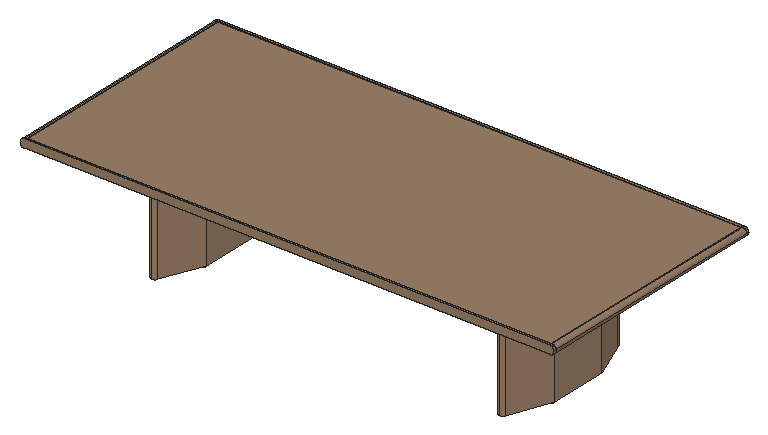
Revit family "Table-Teknion-CFTBFH_Figure_Table_Rectangular_Hexa_Panel_Base_Bullnose_Flat_Edge-R2023", category Furniture, Revit 2023
Family settings
  OmniClass Number = 23.40.20.00
  OmniClass Title = General Furniture and Specialties
  Work Plane-Based = No
  Enable Cutting in Views = No
  Always vertical = Yes
  Cut with Voids When Loaded = No
  Render Appearance Source = Family Geometry
  Shared = Yes
  Room Calculation Point = No
Parameters (values of type "No Central Base")
  Width [instance] = 132.000"
  Warranty = "http://www.teknion.com/ca/papers/legal-canada"
  Unit Weight URL = "http://www.teknion.com/ca/tools/assets#&asset=bee6a381-b954-425e-8283-5a2de3a804f2,f828d448-4b62-4231-9e5f-9a8991c0ed77"
  URL = "www.teknion.com"
  Top Finish [instance] = Veneer-Teknion-LX-Natural_Veneer_V3-Sierra_Flat_Cut
  To render please download texture images found here [instance] = "https://assets.teknion.com/web/5e81352c1dfdb467/revit-material-swatches/"
  Sustainability Data = "https://www.teknion.com/ca/tools/assets#&topic=216f99a5-57a0-44fc-b10a-9dee9b29ae4c&asset=444deb64-fe58-4b68-981e-f75e97781df7,b4ff2d81-9f2e-437d-9659-7cffb09c31cf"
  Surface Power Access [instance] = "Select one option for surface power access. None are default."  # constant formula
  Series = "Custom Wood Boardroom & Reception Tables"  # constant formula
  S - Softened Panel = no
  Product Page URL = "https://www.teknion.com/ca/products/product-details?productLineId=f182336e-8e7a-673b-a6c8-ff00004460c4"
  Product Line = "Figure Table"  # constant formula
  Product Documentation Link = ""
  Power Cover Finish [instance] = Paint - Teknion - Foundation - Sand
  Power - 2 & 3 [instance] = and([AF - 12" Standard Access Door], Width > 131.000")  # no
  Power - 1 & 3 [instance] = and([AF - 12" Standard Access Door], (or(Width < 121.000", Width > 203.000")))  # no
  Part Number = "CFTBFH"  # constant formula
  Panel Width [instance] = if(Depth = 60.000", 36.000", 30.000")  # 36.000"
  NN - None [instance] = not([AF - 12" Standard Access Door])  # yes
  N - No Central Base = yes
  Model = "CFTBFH__NS_"
  Manufacturer Phone = "416-661-3370"  # constant formula
  Manufacturer Fax = "416.661.4586"  # constant formula
  Manufacturer Contact Information = "http://www.teknion.com/ca/contactus"
  Manufacturer Address = "1150 Flint Road, Toronto, ON. M3J 2J5. Canada"  # constant formula
  Manufacturer = "Teknion"  # constant formula
  MR - Softened + AF + 36" PW [instance] = and((and([AF - 12" Standard Access Door], (and([S - Softened Panel], Panel Width = 36.000")))), [Power - 1 & 3])  # no
  MR - Softened + AF + 30" PW [instance] = and((and([AF - 12" Standard Access Door], (and([S - Softened Panel], Panel Width = 30.000")))), [Power - 1 & 3])  # no
  MR - Hexa Panel [instance] = and((and([AF - 12" Standard Access Door], [H - Hexa Panel])), Width > 203.000")  # no
  2D - Softened + 36" Panel Width [instance] = and([S - Softened Panel], Panel Width = 36.000")  # no
  2D - Softened + 30" Panel Width [instance] = and([S - Softened Panel], Panel Width = 30.000")  # no
  MR - NN [instance] = [NN - None]  # yes
  2D - Hexa Panel [instance] = [H - Hexa Panel]  # no
  MR - 3 AF [instance] = and((and((or([S - Softened Panel], [H - Hexa Panel])), [AF - 12" Standard Access Door])), Width > 203.000")  # no
  MR - 2 AF [instance] = and((and((or([S - Softened Panel], [H - Hexa Panel])), [AF - 12" Standard Access Door])), (or(Width > 131.000", Width < 193.000")))  # no
  MR - 1 AF [instance] = and([N - No Central Base], [AF - 12" Standard Access Door])  # no
  How To Use Teknion Materials User Guide [instance] = "https://assets.teknion.com/m/205dd0a49fa58060/original/How-to-add-a-Material-Library-and-Texture-Images-to-your-Revit-project.pdf"
  H - Hexa Panel = no
  Glide Finish [instance] = Paint - Teknion - Foundation - Sand
  For Additional Finishes please visit [instance] = "https://assets.teknion.com/m/44a8009b046e5d47/original/Teknion_Materials_Library.zip"
  Dim 2 [instance] = if(Depth = 48.000", 15.000", 18.000")  # 18.000"
  Dim 1 [instance] = if([N - No Central Base], 3.000", 19.000")  # 3.000"
  Description = "Figure Table, Rectangular, Hexa Panel Base, Bullnose Flat Edge, No Central Base, Square Corner"
  Depth [instance] = 60.000"
  Default Elevation = 0.000"
  Cut - WK - 2 & 3 AF [instance] = if([Power - 2 & 3], 4.000", 0.300")  # 0.300"
  Cut - WK - 1 & 3 AF [instance] = if([Power - 1 & 3], 4.000", 0.300")  # 0.300"
  Cut - Central Base - Softened = if([S - Softened Panel], 15.000", 0.300")  # 0.300"
  Cut - Central Base - Hexa = if([H - Hexa Panel], 15.000", 0.300")  # 0.300"
  Central Base With Wire Management = ""
  Base Finish [instance] = Veneer-Teknion-LX-Natural_Veneer_V3-Sierra_Flat_Cut
  Available Width [instance] = if([N - No Central Base], "096, 108 & 120 Inch Only", "132, 144, 156, 168, 180, 192, 204, 216, 228 & 240 Inch")  # "096, 108 & 120 Inch Only"
  Available Depth [instance] = "48, 54 & 60 Inch"  # constant formula
  Assembly Code = "E2020200"
  AF - 12" Standard Access Door [instance] = no
  3 WK [instance] = Width > 203.000"  # no
  2 WK + NN [instance] = or((and([NN - None], (or(Width = 120.000", Width = 132.000", Width = 144.000", Width = 156.000", Width = 168.000", Width = 180.000", Width = 192.000")))), [MR - 2 AF])  # yes
  2 WK + AF [instance] = and([AF - 12" Standard Access Door], (or(Width = 132.000", Width = 144.000", Width = 156.000", Width = 168.000", Width = 180.000", Width = 192.000")))  # no
  2 WK [instance] = or(Width = 120.000", Width = 132.000", Width = 144.000", Width = 156.000", Width = 168.000", Width = 180.000", Width = 192.000")  # yes
Reference planes (in)
  plane 1 "Center Front/Back": y = 0
  plane 2: z = 0
  plane 3 "Center Left/Right": x = 0
  plane 4 "Left": x = -66
  plane 5 "Right": x = 66
  plane 6 "Back": y = 30
  plane 7 "Front": y = -30
  plane 8 "Top": z = 29
  plane 9: x = -43
  plane 10: x = 43
  plane 11: x = -40
  plane 12: x = 40
  plane 13: x = -22
  plane 14: x = 22
  plane 15: z = 28
Forms (in)
  Sweep 1, solid, material "Veneer-Teknion-LX-Natural_Veneer_V3-Sierra_Flat_Cut" <- "Top Finish"
    path origin (0, 0, 0) x (1, 0, 0) y (0, 1, 0)
      loop
        line (0, 29.43701) -> (0, -29.43701)
    profile origin (0, 0, 0) x (1, 0, 0) y (0, 0, 1)
      loop
        line (64.75, 29) -> (64.75, 27) -> (65, 27)
        arc (65, 27) -> (65.70711, 27.29289) -> (66, 28) r 1
        arc (66, 28) -> (65.70711, 28.70711) -> (65, 29) r 1
        line (65, 29) -> (64.75, 29)
      loop
        line (-64.75, 29) -> (-65, 29)
        arc (-65, 29) -> (-65.70711, 28.70711) -> (-66, 28) r 1
        arc (-66, 28) -> (-65.70711, 27.29289) -> (-65, 27) r 1
        line (-65, 27) -> (-64.75, 27) -> (-64.75, 29)
  Sweep 2, solid, material "Veneer-Teknion-LX-Natural_Veneer_V3-Sierra_Flat_Cut" <- "Top Finish"
    path origin (0, 0, 0) x (1, 0, 0) y (0, 0, 1)
      loop
        line (0, 29) -> (0, 27)
    profile origin (0, 0, 28) x (0, -1, 0) y (1, 0, 0)
      loop
        line (-29.43701, -64.75) -> (29.43701, -64.75) -> (29.43701, 64.75) -> (-29.43701, 64.75) -> (-29.43701, -64.75)
  Sweep 3, void
    path origin (0, 0, 0) x (1, 0, 0) y (0, 0, 1)
      loop
        line (0, 27.5) -> (0, 26.5)
    profile origin (0, 0, 27) x (0, -1, 0) y (1, 0, 0)
      loop
        line (-24, -60) -> (24, -60) -> (24, 60) -> (-24, 60) -> (-24, -60)
  Sweep 4, solid, material "Veneer-Teknion-LX-Natural_Veneer_V3-Sierra_Flat_Cut" <- "Top Finish"
    path origin (0, 0, 0) x (1, 0, 0) y (0, 0, 1)
      loop
        line (0, 27.5) -> (0, 26.75)
    profile origin (0, 0, 27.125) x (0, -1, 0) y (1, 0, 0)
      loop
        line (-22, -58) -> (22, -58) -> (22, 58) -> (-22, 58) -> (-22, -58)
  Sweep 5, solid, material "Veneer-Teknion-LX-Natural_Veneer_V3-Sierra_Flat_Cut" <- "Top Finish"
    path origin (0, 0, 0) x (1, 0, 0) y (0, 1, 0)
      loop
        line (-43, 0) -> (43, 0)
    profile origin (0, 0, 0) x (0, 1, 0) y (0, 0, 1)
      loop
        line (10.932, 26.75) -> (7.932, 18.75) -> (9, 18.75) -> (12, 26.75) -> (10.932, 26.75)
      loop
        line (-7.932, 18.75) -> (-10.932, 26.75) -> (-12, 26.75) -> (-9, 18.75) -> (-7.932, 18.75)
  Sweep 6, void
    path origin (0, 0, 0) x (1, 0, 0) y (0, 0, 1)
      loop
        line (0, 27) -> (0, 13)
    profile origin (0, 0, 20) x (0, -1, 0) y (1, 0, 0)
      loop
        line (-7.932, -38.26447) -> (-12, -39.90516) -> (-12, -43) -> (-7.932, -43) -> (-7.932, -38.26447)
      loop
        line (7.932, -38.26447) -> (7.932, -43) -> (12, -43) -> (12, -39.90516) -> (7.932, -38.26447)
      loop
        line (-7.932, 38.26447) -> (-7.932, 43) -> (-12, 43) -> (-12, 39.90516) -> (-7.932, 38.26447)
      loop
        line (7.932, 38.26447) -> (12, 39.90516) -> (12, 43) -> (7.932, 43) -> (7.932, 38.26447)
  Sweep 7, void
    path origin (0, 0, 0) x (1, 0, 0) y (0, 0, 1)
      loop
        line (0, 14) -> (0, 14.3)
    profile origin (0, 0, 14.15) x (-1, 0, 0) y (0, -1, 0)
      loop
        line (2.68094, 13.02625) -> (-2.68094, 13.02625) -> (-5, 7.27625) -> (5, 7.27625) -> (2.68094, 13.02625)
      loop
        line (2.68094, -13.02625) -> (5, -7.27625) -> (-5, -7.27625) -> (-2.68094, -13.02625) -> (2.68094, -13.02625)
  Sweep 8, solid, material "Veneer-Teknion-LX-Natural_Veneer_V3-Sierra_Flat_Cut" <- "Top Finish"
    path origin (0, 0, 0) x (1, 0, 0) y (0, 1, 0)
      loop
        line (0, -30) -> (0, -29.43701)
    profile origin (0, -29.7185, 0) x (-1, 0, 0) y (0, 0, 1)
      loop
        arc (66, 28) -> (65.70711, 28.70711) -> (65, 29) r 1
        line (65, 29) -> (-65, 29)
        arc (-65, 29) -> (-65.70711, 28.70711) -> (-66, 28) r 1
        arc (-66, 28) -> (-65.70711, 27.29289) -> (-65, 27) r 1
        line (-65, 27) -> (65, 27)
        arc (65, 27) -> (65.70711, 27.29289) -> (66, 28) r 1
  Sweep 9, solid, material "Veneer-Teknion-LX-Natural_Veneer_V3-Sierra_Flat_Cut" <- "Top Finish"
    path origin (0, 0, 0) x (1, 0, 0) y (0, 1, 0)
      loop
        line (0, 30) -> (0, 29.43701)
    profile origin (0, 29.7185, 0) x (1, 0, 0) y (0, 0, 1)
      loop
        arc (-66, 28) -> (-65.70711, 27.29289) -> (-65, 27) r 1
        line (-65, 27) -> (65, 27)
        arc (65, 27) -> (65.70711, 27.29289) -> (66, 28) r 1
        arc (66, 28) -> (65.70711, 28.70711) -> (65, 29) r 1
        line (65, 29) -> (-65, 29)
        arc (-65, 29) -> (-65.70711, 28.70711) -> (-66, 28) r 1
  Sweep 10, void
    path origin (0, 0, 0) x (1, 0, 0) y (0, 0, 1)
      loop
        line (0, 23.8) -> (0, 23.5)
    profile origin (0, 0, 23.65) x (0, -1, 0) y (1, 0, 0)
      loop
        arc (-3.75, -48.25004) -> (-3.60355, -48.6036) -> (-3.25, -48.75004) r 0.5
        line (-3.25, -48.75004) -> (3.25, -48.75004)
        arc (3.25, -48.75004) -> (3.60355, -48.6036) -> (3.75, -48.25004) r 0.5
        line (3.75, -48.25004) -> (3.75, -31.75004)
        arc (3.75, -31.75004) -> (3.60355, -31.39649) -> (3.25, -31.25004) r 0.5
        line (3.25, -31.25004) -> (-3.25, -31.25004)
        arc (-3.25, -31.25004) -> (-3.60355, -31.39649) -> (-3.75, -31.75004) r 0.5
        line (-3.75, -31.75004) -> (-3.75, -48.25004)
      loop
        line (-3.75, 48.25004) -> (-3.75, 31.75004)
        arc (-3.75, 31.75004) -> (-3.60355, 31.39649) -> (-3.25, 31.25004) r 0.5
        line (-3.25, 31.25004) -> (3.25, 31.25004)
        arc (3.25, 31.25004) -> (3.60355, 31.39649) -> (3.75, 31.75004) r 0.5
        line (3.75, 31.75004) -> (3.75, 48.25004)
        arc (3.75, 48.25004) -> (3.60355, 48.6036) -> (3.25, 48.75004) r 0.5
        line (3.25, 48.75004) -> (-3.25, 48.75004)
        arc (-3.25, 48.75004) -> (-3.60355, 48.6036) -> (-3.75, 48.25004) r 0.5
  Sweep 11, void
    path origin (0, 0, 0) x (1, 0, 0) y (0, 0, 1)
      loop
        line (0, 23.5) -> (0, 23.8)
    profile origin (0, 0, 23.65) x (-1, 0, 0) y (0, -1, 0)
      loop
        arc (8.25, -3.75) -> (8.60355, -3.60355) -> (8.75, -3.25) r 0.5
        line (8.75, -3.25) -> (8.75, 3.25)
        arc (8.75, 3.25) -> (8.60355, 3.60355) -> (8.25, 3.75) r 0.5
        line (8.25, 3.75) -> (-8.25, 3.75)
        arc (-8.25, 3.75) -> (-8.60355, 3.60355) -> (-8.75, 3.25) r 0.5
        line (-8.75, 3.25) -> (-8.75, -3.25)
        arc (-8.75, -3.25) -> (-8.60355, -3.60355) -> (-8.25, -3.75) r 0.5
        line (-8.25, -3.75) -> (8.25, -3.75)
  Sweep 12, void
    path origin (0, 0, 0) x (1, 0, 0) y (0, 0, 1)
      loop
        line (0, 31.5) -> (0, 31.2)
    profile origin (0, 0, 31.35) x (0, -1, 0) y (1, 0, 0)
      loop
        line (-2.69291, -34.47642) -> (-2.69291, -45.52367)
        arc (-2.69291, -45.52367) -> (-2.5776, -45.80205) -> (-2.29921, -45.91737) r 0.3937
        line (-2.29921, -45.91737) -> (2.29921, -45.91737)
        arc (2.29921, -45.91737) -> (2.5776, -45.80205) -> (2.69291, -45.52367) r 0.3937
        line (2.69291, -45.52367) -> (2.69291, -34.47642)
        arc (2.69291, -34.47642) -> (2.5776, -34.19803) -> (2.29921, -34.08272) r 0.3937
        line (2.29921, -34.08272) -> (-2.29921, -34.08272)
        arc (-2.29921, -34.08272) -> (-2.5776, -34.19803) -> (-2.69291, -34.47642) r 0.3937
      loop
        arc (-2.69291, 34.47642) -> (-2.5776, 34.19803) -> (-2.29921, 34.08272) r 0.3937
        line (-2.29921, 34.08272) -> (2.29921, 34.08272)
        arc (2.29921, 34.08272) -> (2.5776, 34.19803) -> (2.69291, 34.47642) r 0.3937
        line (2.69291, 34.47642) -> (2.69291, 45.52367)
        arc (2.69291, 45.52367) -> (2.5776, 45.80205) -> (2.29921, 45.91737) r 0.3937
        line (2.29921, 45.91737) -> (-2.29921, 45.91737)
        arc (-2.29921, 45.91737) -> (-2.5776, 45.80205) -> (-2.69291, 45.52367) r 0.3937
        line (-2.69291, 45.52367) -> (-2.69291, 34.47642)
  Sweep 13, void
    path origin (0, 0, 0) x (1, 0, 0) y (0, 0, 1)
      loop
        line (0, 31.2) -> (0, 31.5)
    profile origin (0, 0, 31.35) x (-1, 0, 0) y (0, -1, 0)
      loop
        arc (5.52362, -2.69291) -> (5.80201, -2.5776) -> (5.91732, -2.29921) r 0.3937
        line (5.91732, -2.29921) -> (5.91732, 2.29921)
        arc (5.91732, 2.29921) -> (5.80201, 2.5776) -> (5.52362, 2.69291) r 0.3937
        line (5.52362, 2.69291) -> (-5.52362, 2.69291)
        arc (-5.52362, 2.69291) -> (-5.80201, 2.5776) -> (-5.91732, 2.29921) r 0.3937
        line (-5.91732, 2.29921) -> (-5.91732, -2.29921)
        arc (-5.91732, -2.29921) -> (-5.80201, -2.5776) -> (-5.52362, -2.69291) r 0.3937
        line (-5.52362, -2.69291) -> (5.52362, -2.69291)
  Sweep 14, void
    path origin (0, 0, 0) x (1, 0, 0) y (0, 0, 1)
      loop
        line (0, 15) -> (0, 15.3)
    profile origin (0, 0, 15.15) x (-1, 0, 0) y (0, -1, 0)
      loop
        line (5, -13.93709) -> (5, 13.93709) -> (-5, 13.93709) -> (-5, -13.93709) -> (5, -13.93709)
Cuts and joins
  Sweep 6, Sweep 7, Sweep 14 cuts Sweep 5
  Sweep 3, Sweep 12, Sweep 13 cuts Sweep 2
  Sweep 10, Sweep 11 cuts Sweep 4
  joined: Sweep 2, Sweep 4
Lines and regions (in)
  Masking region 1, visible <- "MR - NN"
    outline origin (480, -36.56537, 28) x (0, -1, 0) y (1, 0, 0)
      loop
        line (-66.56537, -546) -> (-6.56537, -546) -> (-6.56537, -414) -> (-66.56537, -414) -> (-66.56537, -546)
  Masking region 2, visible <- "MR - 1 AF"
    outline origin (480, -36.56537, 28) x (0, -1, 0) y (1, 0, 0)
      loop
        line (-66.56537, -414) -> (-66.56537, -546) -> (-6.56537, -546) -> (-6.56537, -414) -> (-66.56537, -414)
      loop
        line (-39.36852, -474.43701) -> (-39.36852, -485.56299)
        arc (-39.36852, -485.56299) -> (-39.23245, -485.89149) -> (-38.90395, -486.02756) r 0.46457
        line (-38.90395, -486.02756) -> (-34.22678, -486.02756)
        arc (-34.22678, -486.02756) -> (-33.89828, -485.89149) -> (-33.76222, -485.56299) r 0.46457
        line (-33.76222, -485.56299) -> (-33.76222, -474.43701)
        arc (-33.76222, -474.43701) -> (-33.89828, -474.10851) -> (-34.22678, -473.97244) r 0.46457
        line (-34.22678, -473.97244) -> (-38.90395, -473.97244)
        arc (-38.90395, -473.97244) -> (-39.23245, -474.10851) -> (-39.36852, -474.43701) r 0.46457
  Masking region 3, visible <- "MR - 2 AF"
    outline origin (480, -36.56537, 28) x (0, -1, 0) y (1, 0, 0)
      loop
        line (-66.56537, -546) -> (-6.56537, -546) -> (-6.56537, -414) -> (-66.56537, -414) -> (-66.56537, -546)
      loop
        line (-34.22678, -513.97244) -> (-38.90395, -513.97244)
        arc (-38.90395, -513.97244) -> (-39.23245, -514.10851) -> (-39.36852, -514.43701) r 0.46457
        line (-39.36852, -514.43701) -> (-39.36852, -525.56299)
        arc (-39.36852, -525.56299) -> (-39.23245, -525.89149) -> (-38.90395, -526.02756) r 0.46457
        line (-38.90395, -526.02756) -> (-34.22678, -526.02756)
        arc (-34.22678, -526.02756) -> (-33.89828, -525.89149) -> (-33.76222, -525.56299) r 0.46457
        line (-33.76222, -525.56299) -> (-33.76222, -514.43701)
        arc (-33.76222, -514.43701) -> (-33.89828, -514.10851) -> (-34.22678, -513.97244) r 0.46457
      loop
        line (-39.36852, -434.43701) -> (-39.36852, -445.56299)
        arc (-39.36852, -445.56299) -> (-39.23245, -445.89149) -> (-38.90395, -446.02756) r 0.46457
        line (-38.90395, -446.02756) -> (-34.22678, -446.02756)
        arc (-34.22678, -446.02756) -> (-33.89828, -445.89149) -> (-33.76222, -445.56299) r 0.46457
        line (-33.76222, -445.56299) -> (-33.76222, -434.43701)
        arc (-33.76222, -434.43701) -> (-33.89828, -434.10851) -> (-34.22678, -433.97244) r 0.46457
        line (-34.22678, -433.97244) -> (-38.90395, -433.97244)
        arc (-38.90395, -433.97244) -> (-39.23245, -434.10851) -> (-39.36852, -434.43701) r 0.46457
  Masking region 4, visible <- "MR - 3 AF"
    outline origin (480, -36.56537, 28) x (0, -1, 0) y (1, 0, 0)
      loop
        line (-66.56537, -546) -> (-6.56537, -546) -> (-6.56537, -414) -> (-66.56537, -414) -> (-66.56537, -546)
      loop
        line (-39.36852, -514.43701) -> (-39.36852, -525.56299)
        arc (-39.36852, -525.56299) -> (-39.23245, -525.89149) -> (-38.90395, -526.02756) r 0.46457
        line (-38.90395, -526.02756) -> (-34.22678, -526.02756)
        arc (-34.22678, -526.02756) -> (-33.89828, -525.89149) -> (-33.76222, -525.56299) r 0.46457
        line (-33.76222, -525.56299) -> (-33.76222, -514.43701)
        arc (-33.76222, -514.43701) -> (-33.89828, -514.10851) -> (-34.22678, -513.97244) r 0.46457
        line (-34.22678, -513.97244) -> (-38.90395, -513.97244)
        arc (-38.90395, -513.97244) -> (-39.23245, -514.10851) -> (-39.36852, -514.43701) r 0.46457
      loop
        line (-39.36852, -474.43701) -> (-39.36852, -485.56299)
        arc (-39.36852, -485.56299) -> (-39.23245, -485.89149) -> (-38.90395, -486.02756) r 0.46457
        line (-38.90395, -486.02756) -> (-34.22678, -486.02756)
        arc (-34.22678, -486.02756) -> (-33.89828, -485.89149) -> (-33.76222, -485.56299) r 0.46457
        line (-33.76222, -485.56299) -> (-33.76222, -474.43701)
        arc (-33.76222, -474.43701) -> (-33.89828, -474.10851) -> (-34.22678, -473.97244) r 0.46457
        line (-34.22678, -473.97244) -> (-38.90395, -473.97244)
        arc (-38.90395, -473.97244) -> (-39.23245, -474.10851) -> (-39.36852, -474.43701) r 0.46457
      loop
        line (-39.36852, -434.43701) -> (-39.36852, -445.56299)
        arc (-39.36852, -445.56299) -> (-39.23245, -445.89149) -> (-38.90395, -446.02756) r 0.46457
        line (-38.90395, -446.02756) -> (-34.22678, -446.02756)
        arc (-34.22678, -446.02756) -> (-33.89828, -445.89149) -> (-33.76222, -445.56299) r 0.46457
        line (-33.76222, -445.56299) -> (-33.76222, -434.43701)
        arc (-33.76222, -434.43701) -> (-33.89828, -434.10851) -> (-34.22678, -433.97244) r 0.46457
        line (-34.22678, -433.97244) -> (-38.90395, -433.97244)
        arc (-38.90395, -433.97244) -> (-39.23245, -434.10851) -> (-39.36852, -434.43701) r 0.46457
  Masking region 5, visible <- "Power - 2 & 3"
    outline origin (480, -36.56537, 28) x (0, -1, 0) y (1, 0, 0)
      loop
        line (-39.36852, -514.43701) -> (-39.36852, -525.56299)
        arc (-39.36852, -525.56299) -> (-39.23245, -525.89149) -> (-38.90395, -526.02756) r 0.46457
        line (-38.90395, -526.02756) -> (-34.22678, -526.02756)
        arc (-34.22678, -526.02756) -> (-33.89828, -525.89149) -> (-33.76222, -525.56299) r 0.46457
        line (-33.76222, -525.56299) -> (-33.76222, -514.43701)
        arc (-33.76222, -514.43701) -> (-33.89828, -514.10851) -> (-34.22678, -513.97244) r 0.46457
        line (-34.22678, -513.97244) -> (-38.90395, -513.97244)
        arc (-38.90395, -513.97244) -> (-39.23245, -514.10851) -> (-39.36852, -514.43701) r 0.46457
      loop
        arc (-39.08109, -525.50787) -> (-39.01306, -525.67211) -> (-38.84883, -525.74014) r 0.23226
        line (-38.84883, -525.74014) -> (-38.11709, -525.74014) -> (-38.11709, -525.66805) -> (-38.41576, -525.66805)
        arc (-38.41576, -525.66805) -> (-38.4984, -525.63382) -> (-38.53263, -525.55118) r 0.11687
        line (-38.53263, -525.55118) -> (-38.53263, -514.44882)
        arc (-38.53263, -514.44882) -> (-38.4984, -514.36618) -> (-38.41576, -514.33195) r 0.11687
        line (-38.41576, -514.33195) -> (-38.11709, -514.33195) -> (-38.11709, -514.25986) -> (-38.84883, -514.25986)
        arc (-38.84883, -514.25986) -> (-39.01306, -514.32789) -> (-39.08109, -514.49213) r 0.23226
        line (-39.08109, -514.49213) -> (-39.08109, -525.50787)
      loop
        arc (-34.5981, -525.55118) -> (-34.63233, -525.63382) -> (-34.71497, -525.66805) r 0.11687
        line (-34.71497, -525.66805) -> (-35.01364, -525.66805) -> (-35.01364, -525.74014) -> (-34.2819, -525.74014)
        arc (-34.2819, -525.74014) -> (-34.11767, -525.67211) -> (-34.04964, -525.50787) r 0.23226
        line (-34.04964, -525.50787) -> (-34.04964, -514.49213)
        arc (-34.04964, -514.49213) -> (-34.11767, -514.32789) -> (-34.2819, -514.25986) r 0.23226
        line (-34.2819, -514.25986) -> (-35.01364, -514.25986) -> (-35.01364, -514.33195) -> (-34.71497, -514.33195)
        arc (-34.71497, -514.33195) -> (-34.63233, -514.36618) -> (-34.5981, -514.44882) r 0.11687
        line (-34.5981, -514.44882) -> (-34.5981, -525.55118)
      loop
        line (-39.36852, -434.43701) -> (-39.36852, -445.56299)
        arc (-39.36852, -445.56299) -> (-39.23245, -445.89149) -> (-38.90395, -446.02756) r 0.46457
        line (-38.90395, -446.02756) -> (-34.22678, -446.02756)
        arc (-34.22678, -446.02756) -> (-33.89828, -445.89149) -> (-33.76222, -445.56299) r 0.46457
        line (-33.76222, -445.56299) -> (-33.76222, -434.43701)
        arc (-33.76222, -434.43701) -> (-33.89828, -434.10851) -> (-34.22678, -433.97244) r 0.46457
        line (-34.22678, -433.97244) -> (-38.90395, -433.97244)
        arc (-38.90395, -433.97244) -> (-39.23245, -434.10851) -> (-39.36852, -434.43701) r 0.46457
      loop
        arc (-39.08109, -445.50787) -> (-39.01306, -445.67211) -> (-38.84883, -445.74014) r 0.23226
        line (-38.84883, -445.74014) -> (-38.11709, -445.74014) -> (-38.11709, -445.66805) -> (-38.41576, -445.66805)
        arc (-38.41576, -445.66805) -> (-38.4984, -445.63382) -> (-38.53263, -445.55118) r 0.11687
        line (-38.53263, -445.55118) -> (-38.53263, -434.44882)
        arc (-38.53263, -434.44882) -> (-38.4984, -434.36618) -> (-38.41576, -434.33195) r 0.11687
        line (-38.41576, -434.33195) -> (-38.11709, -434.33195) -> (-38.11709, -434.25986) -> (-38.84883, -434.25986)
        arc (-38.84883, -434.25986) -> (-39.01306, -434.32789) -> (-39.08109, -434.49213) r 0.23226
        line (-39.08109, -434.49213) -> (-39.08109, -445.50787)
      loop
        line (-35.01364, -445.66805) -> (-35.01364, -445.74014) -> (-34.2819, -445.74014)
        arc (-34.2819, -445.74014) -> (-34.11767, -445.67211) -> (-34.04964, -445.50787) r 0.23226
        line (-34.04964, -445.50787) -> (-34.04964, -434.49213)
        arc (-34.04964, -434.49213) -> (-34.11767, -434.32789) -> (-34.2819, -434.25986) r 0.23226
        line (-34.2819, -434.25986) -> (-35.01364, -434.25986) -> (-35.01364, -434.33195) -> (-34.71497, -434.33195)
        arc (-34.71497, -434.33195) -> (-34.63233, -434.36618) -> (-34.5981, -434.44882) r 0.11687
        line (-34.5981, -434.44882) -> (-34.5981, -445.55118)
        arc (-34.5981, -445.55118) -> (-34.63233, -445.63382) -> (-34.71497, -445.66805) r 0.11687
        line (-34.71497, -445.66805) -> (-35.01364, -445.66805)
  Masking region 6, visible <- "Power - 1 & 3"
    outline origin (480, -36.56537, 28) x (0, -1, 0) y (1, 0, 0)
      loop
        line (-39.36852, -474.43701) -> (-39.36852, -485.56299)
        arc (-39.36852, -485.56299) -> (-39.23245, -485.89149) -> (-38.90395, -486.02756) r 0.46457
        line (-38.90395, -486.02756) -> (-34.22678, -486.02756)
        arc (-34.22678, -486.02756) -> (-33.89828, -485.89149) -> (-33.76222, -485.56299) r 0.46457
        line (-33.76222, -485.56299) -> (-33.76222, -474.43701)
        arc (-33.76222, -474.43701) -> (-33.89828, -474.10851) -> (-34.22678, -473.97244) r 0.46457
        line (-34.22678, -473.97244) -> (-38.90395, -473.97244)
        arc (-38.90395, -473.97244) -> (-39.23245, -474.10851) -> (-39.36852, -474.43701) r 0.46457
      loop
        arc (-39.08109, -485.50787) -> (-39.01306, -485.67211) -> (-38.84883, -485.74014) r 0.23226
        line (-38.84883, -485.74014) -> (-38.11709, -485.74014) -> (-38.11709, -485.66805) -> (-38.41576, -485.66805)
        arc (-38.41576, -485.66805) -> (-38.4984, -485.63382) -> (-38.53263, -485.55118) r 0.11687
        line (-38.53263, -485.55118) -> (-38.53263, -474.44882)
        arc (-38.53263, -474.44882) -> (-38.4984, -474.36618) -> (-38.41576, -474.33195) r 0.11687
        line (-38.41576, -474.33195) -> (-38.11709, -474.33195) -> (-38.11709, -474.25986) -> (-38.84883, -474.25986)
        arc (-38.84883, -474.25986) -> (-39.01306, -474.32789) -> (-39.08109, -474.49213) r 0.23226
        line (-39.08109, -474.49213) -> (-39.08109, -485.50787)
      loop
        arc (-34.5981, -485.55118) -> (-34.63233, -485.63382) -> (-34.71497, -485.66805) r 0.11687
        line (-34.71497, -485.66805) -> (-35.01364, -485.66805) -> (-35.01364, -485.74014) -> (-34.2819, -485.74014)
        arc (-34.2819, -485.74014) -> (-34.11767, -485.67211) -> (-34.04964, -485.50787) r 0.23226
        line (-34.04964, -485.50787) -> (-34.04964, -474.49213)
        arc (-34.04964, -474.49213) -> (-34.11767, -474.32789) -> (-34.2819, -474.25986) r 0.23226
        line (-34.2819, -474.25986) -> (-35.01364, -474.25986) -> (-35.01364, -474.33195) -> (-34.71497, -474.33195)
        arc (-34.71497, -474.33195) -> (-34.63233, -474.36618) -> (-34.5981, -474.44882) r 0.11687
        line (-34.5981, -474.44882) -> (-34.5981, -485.55118)
  Masking region 7, visible <- "MR - Hexa Panel"
    outline origin (480, -36.56537, 28) x (0, -1, 0) y (1, 0, 0)
      loop
        line (-39.08109, -485) -> (-38.53263, -485) -> (-38.53263, -475) -> (-39.08109, -475) -> (-39.08109, -485)
      loop
        line (-34.5981, -485) -> (-34.04964, -485) -> (-34.04964, -475) -> (-34.5981, -475) -> (-34.5981, -485)
  Masking region 8, visible <- "MR - Softened + AF + 36" PW"
    outline origin (480, -36.56537, 28) x (0, -1, 0) y (1, 0, 0)
      loop
        line (-39.08109, -485) -> (-38.53263, -485) -> (-38.53263, -483.48279)
        arc (-38.53263, -483.48279) -> (-38.81461, -483.30771) -> (-39.08109, -483.10984) r 4
        line (-39.08109, -483.10984) -> (-39.08109, -485)
      loop
        arc (-39.08109, -476.89016) -> (-38.81461, -476.69229) -> (-38.53263, -476.51721) r 4
        line (-38.53263, -476.51721) -> (-38.53263, -475) -> (-39.08109, -475) -> (-39.08109, -476.89016)
      loop
        arc (-34.04964, -483.10984) -> (-34.31613, -483.30771) -> (-34.5981, -483.48279) r 4
        line (-34.5981, -483.48279) -> (-34.5981, -485) -> (-34.04964, -485) -> (-34.04964, -483.10984)
      loop
        arc (-34.5981, -476.51721) -> (-34.31613, -476.69229) -> (-34.04964, -476.89016) r 4
        line (-34.04964, -476.89016) -> (-34.04964, -475) -> (-34.5981, -475) -> (-34.5981, -476.51721)
  Masking region 9, visible <- "MR - Softened + AF + 30" PW"
    outline origin (480, -36.56537, 28) x (0, -1, 0) y (1, 0, 0)
      loop
        line (-39.08109, -485) -> (-38.53263, -485) -> (-38.53263, -483) -> (-39.08109, -483) -> (-39.08109, -485)
      loop
        line (-39.08109, -477) -> (-38.53263, -477) -> (-38.53263, -475) -> (-39.08109, -475) -> (-39.08109, -477)
      loop
        line (-34.5981, -477) -> (-34.04964, -477) -> (-34.04964, -475) -> (-34.5981, -475) -> (-34.5981, -477)
      loop
        line (-34.5981, -485) -> (-34.04964, -485) -> (-34.04964, -483) -> (-34.5981, -483) -> (-34.5981, -485)
  model lines, visible <- "2 WK"
    curve 1: line (0, -30, 29) -> (0, -2.69291, 29)
    curve 6: line (0, 2.69291, 29) -> (0, 30, 29)
    curve 350: line (0, -30, 29) -> (0, -30, 27)
    curve 351: line (0, -30, 27) -> (0, -24, 27)
    curve 352: line (0, 24, 27) -> (0, 30, 27)
    curve 353: line (0, 30, 27) -> (0, 30, 29)
  model lines, visible <- "3 WK"
    curve 2: line (-22, -30, 29) -> (-22, 30, 29)
    curve 3: line (22, -30, 29) -> (22, 30, 29)
    curve 342: line (-22, -30, 29) -> (-22, -30, 27)
    curve 343: line (-22, -30, 27) -> (-22, -24, 27)
    curve 344: line (-22, 24, 27) -> (-22, 30, 27)
    curve 345: line (-22, 30, 27) -> (-22, 30, 29)
    curve 346: line (22, -30, 29) -> (22, -30, 27)
    curve 347: line (22, -30, 27) -> (22, -24, 27)
    curve 348: line (22, 24, 27) -> (22, 30, 27)
    curve 349: line (22, 30, 27) -> (22, 30, 29)
  model lines, visible <- "Power - 1 & 3"
    curve 4: line (0, -2.69291, 29) -> (0, -2.69291, 27.5)
    curve 5: line (0, 2.69291, 27) -> (0, 2.69291, 29)
  model lines, visible <- "2 WK + NN"
    curve 7: line (0, -2.69291, 29) -> (0, 2.69291, 29)
  symbolic lines, visible <- "Power - 2 & 3"
    curve 8: line (-45.74014, 2.28346, 28) -> (-45.74014, -2.28346, 28)
    curve 9: line (-45.66805, 1.85039, 28) -> (-45.66805, -1.85039, 28)
    curve 10: line (-34.33195, -1.85039, 28) -> (-34.33195, 1.85039, 28)
    curve 11: line (-34.25986, 2.28346, 28) -> (-34.25986, -2.28346, 28)
    curve 16: line (34.25986, 2.28346, 28) -> (34.25986, -2.28346, 28)
    curve 17: line (34.33195, 1.85039, 28) -> (34.33195, -1.85039, 28)
    curve 18: line (45.66805, -1.85039, 28) -> (45.66805, 1.85039, 28)
    curve 19: line (45.74014, 2.28346, 28) -> (45.74014, -2.28346, 28)
  symbolic lines, visible <- "Power - 1 & 3"
    curve 12: line (-5.74014, 2.28346, 28) -> (-5.74014, -2.28346, 28)
    curve 13: line (-5.66805, 1.85039, 28) -> (-5.66805, -1.85039, 28)
    curve 14: line (5.66805, -1.85039, 28) -> (5.66805, 1.85039, 28)
    curve 15: line (5.74014, 2.28346, 28) -> (5.74014, -2.28346, 28)
  symbolic lines, style "FurnitureHiddenLines", visible <- "Power - 2 & 3", detail levels medium+fine
    curve 20: line (-45.50787, 2.55535, 28) -> (-34.49213, 2.55535, 28)
    curve 21: arc (-34.49213, 2.55535, 28) -> (-34.29987, 2.47572, 28) -> (-34.22024, 2.28346, 28) r 0.27189
    curve 22: line (-34.22024, 2.28346, 28) -> (-34.22024, -2.28346, 28)
    curve 23: arc (-34.22024, -2.28346, 28) -> (-34.29987, -2.47572, 28) -> (-34.49213, -2.55535, 28) r 0.27189
    curve 24: line (-34.49213, -2.55535, 28) -> (-45.50787, -2.55535, 28)
    curve 25: arc (-45.50787, -2.55535, 28) -> (-45.70013, -2.47572, 28) -> (-45.77976, -2.28346, 28) r 0.27189
    curve 26: line (-45.77976, -2.28346, 28) -> (-45.77976, 2.28346, 28)
    curve 27: arc (-45.77976, 2.28346, 28) -> (-45.70013, 2.47572, 28) -> (-45.50787, 2.55535, 28) r 0.27189
    curve 28: line (-45.77976, -1.55173, 28) -> (-45.49606, -1.55173, 28)
    curve 29: line (-45.49606, -1.55173, 28) -> (-45.49606, 1.55173, 28)
    curve 30: line (-45.49606, 1.55173, 28) -> (-45.77976, 1.55173, 28)
    curve 31: line (-45.04724, -1.55315, 28) -> (-45.46457, -1.55315, 28)
    curve 32: line (-45.46457, -1.55315, 28) -> (-45.46457, 1.55315, 28)
    curve 33: line (-45.46457, 1.55315, 28) -> (-45.04724, 1.55315, 28)
    curve 34: line (-45.04724, 1.55315, 28) -> (-45.04724, -1.55315, 28)
    curve 35: line (-45.74014, 1.44686, 28) -> (-45.10236, 1.44686, 28)
    curve 36: line (-45.10236, 1.44686, 28) -> (-45.10236, -1.44686, 28)
    curve 37: line (-45.10236, -1.44686, 28) -> (-45.74014, -1.44686, 28)
    curve 38: line (-34.53543, 1.55315, 28) -> (-34.95276, 1.55315, 28)
    curve 39: line (-34.95276, 1.55315, 28) -> (-34.95276, -1.55315, 28)
    curve 40: line (-34.95276, -1.55315, 28) -> (-34.53543, -1.55315, 28)
    curve 41: line (-34.53543, -1.55315, 28) -> (-34.53543, 1.55315, 28)
    curve 42: line (-34.25986, 1.44686, 28) -> (-34.89764, 1.44686, 28)
    curve 43: line (-34.89764, 1.44686, 28) -> (-34.89764, -1.44686, 28)
    curve 44: line (-34.89764, -1.44686, 28) -> (-34.25986, -1.44686, 28)
    curve 45: line (-34.22024, 1.55173, 28) -> (-34.50394, 1.55173, 28)
    curve 46: line (-34.50394, 1.55173, 28) -> (-34.50394, -1.55173, 28)
    curve 47: line (-34.50394, -1.55173, 28) -> (-34.22024, -1.55173, 28)
    curve 76: line (34.49213, 2.55535, 28) -> (45.50787, 2.55535, 28)
    curve 77: arc (45.50787, 2.55535, 28) -> (45.70013, 2.47572, 28) -> (45.77976, 2.28346, 28) r 0.27189
    curve 78: line (45.77976, 2.28346, 28) -> (45.77976, -2.28346, 28)
    curve 79: arc (45.77976, -2.28346, 28) -> (45.70013, -2.47572, 28) -> (45.50787, -2.55535, 28) r 0.27189
    curve 80: line (45.50787, -2.55535, 28) -> (34.49213, -2.55535, 28)
    curve 81: arc (34.49213, -2.55535, 28) -> (34.29987, -2.47572, 28) -> (34.22024, -2.28346, 28) r 0.27189
    curve 82: line (34.22024, -2.28346, 28) -> (34.22024, 2.28346, 28)
    curve 83: arc (34.22024, 2.28346, 28) -> (34.29987, 2.47572, 28) -> (34.49213, 2.55535, 28) r 0.27189
    curve 84: line (34.22024, -1.55173, 28) -> (34.50394, -1.55173, 28)
    curve 85: line (34.50394, -1.55173, 28) -> (34.50394, 1.55173, 28)
    curve 86: line (34.50394, 1.55173, 28) -> (34.22024, 1.55173, 28)
    curve 87: line (34.95276, -1.55315, 28) -> (34.53543, -1.55315, 28)
    curve 88: line (34.53543, -1.55315, 28) -> (34.53543, 1.55315, 28)
    curve 89: line (34.53543, 1.55315, 28) -> (34.95276, 1.55315, 28)
    curve 90: line (34.95276, 1.55315, 28) -> (34.95276, -1.55315, 28)
    curve 91: line (34.25986, 1.44686, 28) -> (34.89764, 1.44686, 28)
    curve 92: line (34.89764, 1.44686, 28) -> (34.89764, -1.44686, 28)
    curve 93: line (34.89764, -1.44686, 28) -> (34.25986, -1.44686, 28)
    curve 94: line (45.46457, 1.55315, 28) -> (45.04724, 1.55315, 28)
    curve 95: line (45.04724, 1.55315, 28) -> (45.04724, -1.55315, 28)
    curve 96: line (45.04724, -1.55315, 28) -> (45.46457, -1.55315, 28)
    curve 97: line (45.46457, -1.55315, 28) -> (45.46457, 1.55315, 28)
    curve 98: line (45.77976, 1.55173, 28) -> (45.49606, 1.55173, 28)
    curve 99: line (45.49606, 1.55173, 28) -> (45.49606, -1.55173, 28)
    curve 100: line (45.49606, -1.55173, 28) -> (45.77976, -1.55173, 28)
    curve 101: line (45.74014, 1.44686, 28) -> (45.10236, 1.44686, 28)
    curve 102: line (45.10236, 1.44686, 28) -> (45.10236, -1.44686, 28)
    curve 103: line (45.10236, -1.44686, 28) -> (45.74014, -1.44686, 28)
  symbolic lines, style "FurnitureHiddenLines", visible <- "Power - 1 & 3", detail levels medium+fine
    curve 48: line (-5.50787, 2.55535, 28) -> (5.50787, 2.55535, 28)
    curve 49: arc (5.50787, 2.55535, 28) -> (5.70013, 2.47572, 28) -> (5.77976, 2.28346, 28) r 0.27189
    curve 50: line (5.77976, 2.28346, 28) -> (5.77976, -2.28346, 28)
    curve 51: arc (5.77976, -2.28346, 28) -> (5.70013, -2.47572, 28) -> (5.50787, -2.55535, 28) r 0.27189
    curve 52: line (5.50787, -2.55535, 28) -> (-5.50787, -2.55535, 28)
    curve 53: arc (-5.50787, -2.55535, 28) -> (-5.70013, -2.47572, 28) -> (-5.77976, -2.28346, 28) r 0.27189
    curve 54: line (-5.77976, -2.28346, 28) -> (-5.77976, 2.28346, 28)
    curve 55: arc (-5.77976, 2.28346, 28) -> (-5.70013, 2.47572, 28) -> (-5.50787, 2.55535, 28) r 0.27189
    curve 56: line (-5.77976, -1.55173, 28) -> (-5.49606, -1.55173, 28)
    curve 57: line (-5.49606, -1.55173, 28) -> (-5.49606, 1.55173, 28)
    curve 58: line (-5.49606, 1.55173, 28) -> (-5.77976, 1.55173, 28)
    curve 59: line (-5.04724, -1.55315, 28) -> (-5.46457, -1.55315, 28)
    curve 60: line (-5.46457, -1.55315, 28) -> (-5.46457, 1.55315, 28)
    curve 61: line (-5.46457, 1.55315, 28) -> (-5.04724, 1.55315, 28)
    curve 62: line (-5.04724, 1.55315, 28) -> (-5.04724, -1.55315, 28)
    curve 63: line (-5.74014, 1.44686, 28) -> (-5.10236, 1.44686, 28)
    curve 64: line (-5.10236, 1.44686, 28) -> (-5.10236, -1.44686, 28)
    curve 65: line (-5.10236, -1.44686, 28) -> (-5.74014, -1.44686, 28)
    curve 66: line (5.46457, 1.55315, 28) -> (5.04724, 1.55315, 28)
    curve 67: line (5.04724, 1.55315, 28) -> (5.04724, -1.55315, 28)
    curve 68: line (5.04724, -1.55315, 28) -> (5.46457, -1.55315, 28)
    curve 69: line (5.46457, -1.55315, 28) -> (5.46457, 1.55315, 28)
    curve 70: line (5.77976, 1.55173, 28) -> (5.49606, 1.55173, 28)
    curve 71: line (5.49606, 1.55173, 28) -> (5.49606, -1.55173, 28)
    curve 72: line (5.49606, -1.55173, 28) -> (5.77976, -1.55173, 28)
    curve 73: line (5.74014, 1.44686, 28) -> (5.10236, 1.44686, 28)
    curve 74: line (5.10236, 1.44686, 28) -> (5.10236, -1.44686, 28)
    curve 75: line (5.10236, -1.44686, 28) -> (5.74014, -1.44686, 28)
  symbolic lines, style "FurnitureHiddenLines", visible <- "Power - 2 & 3", detail levels fine
    curve 104: line (-34.47642, 2.69291, 28) -> (-45.52367, 2.69291, 28)
    curve 105: arc (-45.52367, 2.69291, 28) -> (-45.80205, 2.5776, 28) -> (-45.91737, 2.29921, 28) r 0.3937
    curve 106: line (-45.91737, 2.29921, 28) -> (-45.91737, -2.29921, 28)
    curve 107: arc (-45.91737, -2.29921, 28) -> (-45.80205, -2.5776, 28) -> (-45.52367, -2.69291, 28) r 0.3937
    curve 108: line (-45.52367, -2.69291, 28) -> (-34.47642, -2.69291, 28)
    curve 109: arc (-34.47642, -2.69291, 28) -> (-34.19803, -2.5776, 28) -> (-34.08272, -2.29921, 28) r 0.3937
    curve 110: line (-34.08272, -2.29921, 28) -> (-34.08272, 2.29921, 28)
    curve 111: arc (-34.08272, 2.29921, 28) -> (-34.19803, 2.5776, 28) -> (-34.47642, 2.69291, 28) r 0.3937
    curve 120: line (45.52367, 2.69291, 28) -> (34.47642, 2.69291, 28)
    curve 121: arc (34.47642, 2.69291, 28) -> (34.19803, 2.5776, 28) -> (34.08272, 2.29921, 28) r 0.3937
    curve 122: line (34.08272, 2.29921, 28) -> (34.08272, -2.29921, 28)
    curve 123: arc (34.08272, -2.29921, 28) -> (34.19803, -2.5776, 28) -> (34.47642, -2.69291, 28) r 0.3937
    curve 124: line (34.47642, -2.69291, 28) -> (45.52367, -2.69291, 28)
    curve 125: arc (45.52367, -2.69291, 28) -> (45.80205, -2.5776, 28) -> (45.91737, -2.29921, 28) r 0.3937
    curve 126: line (45.91737, -2.29921, 28) -> (45.91737, 2.29921, 28)
    curve 127: arc (45.91737, 2.29921, 28) -> (45.80205, 2.5776, 28) -> (45.52367, 2.69291, 28) r 0.3937
    curve 190: line (-31.25004, -3.25, 28) -> (-31.25004, 3.25, 28)
    curve 191: arc (-31.25004, 3.25, 28) -> (-31.39649, 3.60355, 28) -> (-31.75004, 3.75, 28) r 0.5
    curve 192: line (-31.75004, 3.75, 28) -> (-48.25004, 3.75, 28)
    curve 193: arc (-48.25004, 3.75, 28) -> (-48.6036, 3.60355, 28) -> (-48.75004, 3.25, 28) r 0.5
    curve 194: line (-48.75004, 3.25, 28) -> (-48.75004, -3.25, 28)
    curve 195: arc (-48.75004, -3.25, 28) -> (-48.6036, -3.60355, 28) -> (-48.25004, -3.75, 28) r 0.5
    curve 196: line (-48.25004, -3.75, 28) -> (-31.75004, -3.75, 28)
    curve 197: arc (-31.75004, -3.75, 28) -> (-31.39649, -3.60355, 28) -> (-31.25004, -3.25, 28) r 0.5
    curve 198: line (48.25004, 3.75, 28) -> (31.75004, 3.75, 28)
    curve 199: arc (31.75004, 3.75, 28) -> (31.39649, 3.60355, 28) -> (31.25004, 3.25, 28) r 0.5
    curve 200: line (31.25004, 3.25, 28) -> (31.25004, -3.25, 28)
    curve 201: arc (31.25004, -3.25, 28) -> (31.39649, -3.60355, 28) -> (31.75004, -3.75, 28) r 0.5
    curve 202: line (31.75004, -3.75, 28) -> (48.25004, -3.75, 28)
    curve 203: arc (48.25004, -3.75, 28) -> (48.6036, -3.60355, 28) -> (48.75004, -3.25, 28) r 0.5
    curve 204: line (48.75004, -3.25, 28) -> (48.75004, 3.25, 28)
    curve 205: arc (48.75004, 3.25, 28) -> (48.6036, 3.60355, 28) -> (48.25004, 3.75, 28) r 0.5
  symbolic lines, style "FurnitureHiddenLines", visible <- "Power - 1 & 3", detail levels fine
    curve 112: line (5.52362, 2.69291, 28) -> (-5.52362, 2.69291, 28)
    curve 113: arc (-5.52362, 2.69291, 28) -> (-5.80201, 2.5776, 28) -> (-5.91732, 2.29921, 28) r 0.3937
    curve 114: line (-5.91732, 2.29921, 28) -> (-5.91732, -2.29921, 28)
    curve 115: arc (-5.91732, -2.29921, 28) -> (-5.80201, -2.5776, 28) -> (-5.52362, -2.69291, 28) r 0.3937
    curve 116: line (-5.52362, -2.69291, 28) -> (5.52362, -2.69291, 28)
    curve 117: arc (5.52362, -2.69291, 28) -> (5.80201, -2.5776, 28) -> (5.91732, -2.29921, 28) r 0.3937
    curve 118: line (5.91732, -2.29921, 28) -> (5.91732, 2.29921, 28)
    curve 119: arc (5.91732, 2.29921, 28) -> (5.80201, 2.5776, 28) -> (5.52362, 2.69291, 28) r 0.3937
    curve 206: line (8.75, -3.25, 28) -> (8.75, 3.25, 28)
    curve 207: arc (8.75, 3.25, 28) -> (8.60355, 3.60355, 28) -> (8.25, 3.75, 28) r 0.5
    curve 208: line (8.25, 3.75, 28) -> (-8.25, 3.75, 28)
    curve 209: arc (-8.25, 3.75, 28) -> (-8.60355, 3.60355, 28) -> (-8.75, 3.25, 28) r 0.5
    curve 210: line (-8.75, 3.25, 28) -> (-8.75, -3.25, 28)
    curve 211: arc (-8.75, -3.25, 28) -> (-8.60355, -3.60355, 28) -> (-8.25, -3.75, 28) r 0.5
    curve 212: line (-8.25, -3.75, 28) -> (8.25, -3.75, 28)
    curve 213: arc (8.25, -3.75, 28) -> (8.60355, -3.60355, 28) -> (8.75, -3.25, 28) r 0.5
  symbolic lines, style "Furniture"
    curve 128: line (66, 29.43701, 28) -> (-66, 29.43701, 28)
    curve 129: line (-64.75, -29.43701, 28) -> (-64.75, 29.43701, 28)
    curve 130: line (-66, -29.43701, 28) -> (66, -29.43701, 28)
    curve 131: line (64.75, 29.43701, 28) -> (64.75, -29.43701, 28)
  symbolic lines, style "FurnitureHiddenLines", detail levels medium+fine
    curve 132: line (60, 24, 28) -> (-60, 24, 28)
    curve 133: line (58, 22, 28) -> (-58, 22, 28)
    curve 134: line (-60, 24, 28) -> (-60, -24, 28)
    curve 135: line (-58, 22, 28) -> (-58, -22, 28)
    curve 136: line (-60, -24, 28) -> (60, -24, 28)
    curve 137: line (-58, -22, 28) -> (58, -22, 28)
    curve 138: line (58, -22, 28) -> (58, 22, 28)
    curve 139: line (60, -24, 28) -> (60, 24, 28)
    curve 218: line (-43.67495, 18, 0) -> (-42.32505, 18, 0)
    curve 219: line (-43.67495, 18, 0) -> (-48, 7.27625, 0)
    curve 220: line (-38, 7.27625, 0) -> (-42.32505, 18, 0)
    curve 221: line (-43.67495, -18, 0) -> (-42.32505, -18, 0)
    curve 222: line (-48, -7.27625, 0) -> (-43.67495, -18, 0)
    curve 223: line (-42.32505, -18, 0) -> (-38, -7.27625, 0)
    curve 224: line (-38, -7.27625, 0) -> (-38, 7.27625, 0)
    curve 225: line (-48, 7.27625, 0) -> (-48, -7.27625, 0)
    curve 226: line (42.32505, 18, 0) -> (43.67495, 18, 0)
    curve 227: line (48, 7.27625, 0) -> (43.67495, 18, 0)
    curve 228: line (42.32505, 18, 0) -> (38, 7.27625, 0)
    curve 229: line (48, -7.27625, 0) -> (48, 7.27625, 0)
    curve 230: line (38, 7.27625, 0) -> (38, -7.27625, 0)
    curve 231: line (38, -7.27625, 0) -> (42.32505, -18, 0)
    curve 232: line (43.67495, -18, 0) -> (48, -7.27625, 0)
    curve 233: line (42.32505, -18, 0) -> (43.67495, -18, 0)
    curve 242: line (-43.89772, -17.13189, 0) -> (-42.10228, -17.13189, 0)
    curve 243: line (-42.10228, -17.13189, 0) -> (-38.11811, -7.25333, 0)
    curve 244: line (-38.11811, -7.25333, 0) -> (-38.11811, 7.25333, 0)
    curve 245: line (-38.11811, 7.25333, 0) -> (-42.10228, 17.13189, 0)
    curve 246: line (-42.10228, 17.13189, 0) -> (-43.89772, 17.13189, 0)
    curve 247: line (-43.89772, 17.13189, 0) -> (-47.88189, 7.25333, 0)
    curve 248: line (-47.88189, 7.25333, 0) -> (-47.88189, -7.25333, 0)
    curve 249: line (-47.88189, -7.25333, 0) -> (-43.89772, -17.13189, 0)
    curve 258: line (43.89772, 17.13189, 0) -> (42.10228, 17.13189, 0)
    curve 259: line (42.10228, 17.13189, 0) -> (38.11811, 7.25333, 0)
    curve 260: line (38.11811, 7.25333, 0) -> (38.11811, -7.25333, 0)
    curve 261: line (38.11811, -7.25333, 0) -> (42.10228, -17.13189, 0)
    curve 262: line (42.10228, -17.13189, 0) -> (43.89772, -17.13189, 0)
    curve 263: line (43.89772, -17.13189, 0) -> (47.88189, -7.25333, 0)
    curve 264: line (47.88189, -7.25333, 0) -> (47.88189, 7.25333, 0)
    curve 265: line (47.88189, 7.25333, 0) -> (43.89772, 17.13189, 0)
  symbolic lines, style "FurnitureHiddenLines", visible <- "S - Softened Panel", detail levels medium+fine
    curve 140: line (5, -17, 28) -> (5, 17, 28)
    curve 141: arc (5, 17, 28) -> (4.70711, 17.70711, 28) -> (4, 18, 28) r 1
    curve 142: line (4, 18, 28) -> (-4, 18, 28)
    curve 143: arc (-4, 18, 28) -> (-4.70711, 17.70711, 28) -> (-5, 17, 28) r 1
    curve 144: line (-5, 17, 28) -> (-5, -17, 28)
    curve 145: arc (-5, -17, 28) -> (-4.70711, -17.70711, 28) -> (-4, -18, 28) r 1
    curve 146: line (-4, -18, 28) -> (4, -18, 28)
    curve 147: arc (4, -18, 28) -> (4.70711, -17.70711, 28) -> (5, -17, 28) r 1
    curve 148: line (4.25, 17.25, 28) -> (-4.25, 17.25, 28)
    curve 149: line (-4.25, 17.25, 28) -> (-4.25, -17.25, 28)
    curve 150: line (-4.25, -17.25, 28) -> (4.25, -17.25, 28)
    curve 151: line (4.25, -17.25, 28) -> (4.25, 17.25, 28)
    curve 310: line (39.90516, 12, 0) -> (5, 12, 0)
    curve 311: line (39.47442, 10.932, 0) -> (5, 10.932, 0)
    curve 312: line (38.69521, 9, 0) -> (5, 9, 0)
    curve 313: line (-38.26447, 7.932, 0) -> (-5, 7.932, 0)
    curve 314: line (38.26447, -7.932, 0) -> (5, -7.932, 0)
    curve 315: line (38.69521, -9, 0) -> (5, -9, 0)
    curve 316: line (-39.47442, -10.932, 0) -> (-5, -10.932, 0)
    curve 317: line (39.90516, -12, 0) -> (5, -12, 0)
    curve 318: line (-5, 12, 0) -> (-39.90516, 12, 0)
    curve 319: line (-5, 10.932, 0) -> (-39.47442, 10.932, 0)
    curve 320: line (-5, 9, 0) -> (-38.69521, 9, 0)
    curve 321: line (5, 7.932, 0) -> (38.26447, 7.932, 0)
    curve 322: line (-5, -7.932, 0) -> (-38.26447, -7.932, 0)
    curve 323: line (-5, -9, 0) -> (-38.69521, -9, 0)
    curve 324: line (5, -10.932, 0) -> (39.47442, -10.932, 0)
    curve 325: line (-5, -12, 0) -> (-39.90516, -12, 0)
  symbolic lines, style "FurnitureHiddenLines", visible <- "2D - Softened + 36" Panel Width", detail levels medium+fine
    curve 152: line (5, 5, 28) -> (-5, 5, 28)
    curve 153: line (-5, -5, 28) -> (5, -5, 28)
    curve 154: line (-3, -4.5, 28) -> (-3, -2.64575, 28)
    curve 155: arc (-3, -2.64575, 28) -> (-4, 0, 28) -> (-3, 2.64575, 28) r 4
    curve 156: line (-3, 2.64575, 28) -> (-3, 4.5, 28)
    curve 157: arc (-3, 4.5, 28) -> (-2.85355, 4.85355, 28) -> (-2.5, 5, 28) r 0.5
    curve 158: arc (2.5, 5, 28) -> (2.85355, 4.85355, 28) -> (3, 4.5, 28) r 0.5
    curve 159: line (3, 4.5, 28) -> (3, 2.64575, 28)
    curve 160: arc (3, 2.64575, 28) -> (4, 0, 28) -> (3, -2.64575, 28) r 4
    curve 161: line (3, -2.64575, 28) -> (3, -4.5, 28)
    curve 162: arc (3, -4.5, 28) -> (2.85355, -4.85355, 28) -> (2.5, -5, 28) r 0.5
    curve 163: arc (-2.5, -5, 28) -> (-2.85355, -4.85355, 28) -> (-3, -4.5, 28) r 0.5
    curve 164: line (-4.25, 4, 28) -> (-5, 4, 28)
    curve 165: line (-5, -4, 28) -> (-4.25, -4, 28)
  symbolic lines, style "FurnitureHiddenLines", visible <- "2D - Softened + 30" Panel Width", detail levels medium+fine
    curve 166: line (-4.25, 4, 28) -> (-5, 4, 28)
    curve 167: line (-5, 3, 28) -> (-4.25, 3, 28)
    curve 168: line (-5, -3, 28) -> (-4.25, -3, 28)
    curve 169: line (-5, -4, 28) -> (-4.25, -4, 28)
    curve 170: line (4.25, -3, 28) -> (5, -3, 28)
    curve 171: line (4.25, 3, 28) -> (5, 3, 28)
    curve 172: line (-3, 4.5, 28) -> (-3, -4.5, 28)
    curve 173: line (3, -4.5, 28) -> (3, 4.5, 28)
    curve 174: line (2.5, -5, 28) -> (-2.5, -5, 28)
    curve 175: line (-2.5, 5, 28) -> (2.5, 5, 28)
    curve 176: arc (2.5, 5, 28) -> (2.85355, 4.85355, 28) -> (3, 4.5, 28) r 0.5
    curve 177: arc (-3, 4.5, 28) -> (-2.85355, 4.85355, 28) -> (-2.5, 5, 28) r 0.5
    curve 178: arc (-2.5, -5, 28) -> (-2.85355, -4.85355, 28) -> (-3, -4.5, 28) r 0.5
    curve 179: arc (3, -4.5, 28) -> (2.85355, -4.85355, 28) -> (2.5, -5, 28) r 0.5
    curve 180: arc (-3, -2.64575, 28) -> (-4, 0, 28) -> (-3, 2.64575, 28) r 4
    curve 181: arc (3, 2.64575, 28) -> (4, 0, 28) -> (3, -2.64575, 28) r 4
  symbolic lines, style "FurnitureHiddenLines", visible <- "S - Softened Panel", detail levels fine
    curve 182: arc (-4.14645, 16.646, 28) -> (-3.64645, 17.146, 28) -> (-3.14645, 16.646, 28) r 0.5
    curve 183: arc (-3.14645, 16.646, 28) -> (-3.64645, 16.146, 28) -> (-4.14645, 16.646, 28) r 0.5
    curve 184: arc (3.14645, 16.646, 28) -> (3.64645, 17.146, 28) -> (4.14645, 16.646, 28) r 0.5
    curve 185: arc (4.14645, 16.646, 28) -> (3.64645, 16.146, 28) -> (3.14645, 16.646, 28) r 0.5
    curve 186: arc (4.14645, -16.646, 28) -> (3.64645, -16.146, 28) -> (3.14645, -16.646, 28) r 0.5
    curve 187: arc (3.14645, -16.646, 28) -> (3.64645, -17.146, 28) -> (4.14645, -16.646, 28) r 0.5
    curve 188: arc (-3.14645, -16.646, 28) -> (-3.64645, -16.146, 28) -> (-4.14645, -16.646, 28) r 0.5
    curve 189: arc (-4.14645, -16.646, 28) -> (-3.64645, -17.146, 28) -> (-3.14645, -16.646, 28) r 0.5
  reference lines
    curve 214: line (-66, 30, 0) -> (66, 30, 0)
    curve 215: line (-66, -30, 0) -> (66, -30, 0)
    curve 216: line (-66, 30, 0) -> (-66, -30, 0)
    curve 217: line (66, 30, 0) -> (66, -30, 0)
  symbolic lines, style "FurnitureHiddenLines", visible <- "2D - Hexa Panel", detail levels medium+fine
    curve 234: line (-0.67495, 18, 0) -> (0.67495, 18, 0)
    curve 235: line (5, 7.27625, 0) -> (0.67495, 18, 0)
    curve 236: line (-0.67495, 18, 0) -> (-5, 7.27625, 0)
    curve 237: line (5, -7.27625, 0) -> (5, 7.27625, 0)
    curve 238: line (-5, 7.27625, 0) -> (-5, -7.27625, 0)
    curve 239: line (0.67495, -18, 0) -> (5, -7.27625, 0)
    curve 240: line (-5, -7.27625, 0) -> (-0.67495, -18, 0)
    curve 241: line (-0.67495, -18, 0) -> (0.67495, -18, 0)
    curve 250: line (0.89772, 17.13189, 0) -> (-0.89772, 17.13189, 0)
    curve 251: line (-0.89772, 17.13189, 0) -> (-4.88189, 7.25333, 0)
    curve 252: line (-4.88189, 7.25333, 0) -> (-4.88189, -7.25333, 0)
    curve 253: line (-4.88189, -7.25333, 0) -> (-0.89772, -17.13189, 0)
    curve 254: line (-0.89772, -17.13189, 0) -> (0.89772, -17.13189, 0)
    curve 255: line (0.89772, -17.13189, 0) -> (4.88189, -7.25333, 0)
    curve 256: line (4.88189, -7.25333, 0) -> (4.88189, 7.25333, 0)
    curve 257: line (4.88189, 7.25333, 0) -> (0.89772, 17.13189, 0)
  symbolic lines, style "FurnitureHiddenLines", detail levels fine
    curve 266: arc (-43.5, 15.5, 0) -> (-43, 16, 0) -> (-42.5, 15.5, 0) r 0.5
    curve 267: arc (-42.5, 15.5, 0) -> (-43, 15, 0) -> (-43.5, 15.5, 0) r 0.5
    curve 268: arc (-47.40943, 7.06461, 0) -> (-46.90943, 7.56461, 0) -> (-46.40943, 7.06461, 0) r 0.5
    curve 269: arc (-46.40943, 7.06461, 0) -> (-46.90943, 6.56461, 0) -> (-47.40943, 7.06461, 0) r 0.5
    curve 270: arc (-39.59057, 7.06461, 0) -> (-39.09057, 7.56461, 0) -> (-38.59057, 7.06461, 0) r 0.5
    curve 271: arc (-38.59057, 7.06461, 0) -> (-39.09057, 6.56461, 0) -> (-39.59057, 7.06461, 0) r 0.5
    curve 272: arc (-38.59057, -7.06461, 0) -> (-39.09057, -6.56461, 0) -> (-39.59057, -7.06461, 0) r 0.5
    curve 273: arc (-39.59057, -7.06461, 0) -> (-39.09057, -7.56461, 0) -> (-38.59057, -7.06461, 0) r 0.5
    curve 274: arc (-46.40943, -7.06461, 0) -> (-46.90943, -6.56461, 0) -> (-47.40943, -7.06461, 0) r 0.5
    curve 275: arc (-47.40943, -7.06461, 0) -> (-46.90943, -7.56461, 0) -> (-46.40943, -7.06461, 0) r 0.5
    curve 276: arc (-42.5, -15.5, 0) -> (-43, -15, 0) -> (-43.5, -15.5, 0) r 0.5
    curve 277: arc (-43.5, -15.5, 0) -> (-43, -16, 0) -> (-42.5, -15.5, 0) r 0.5
    curve 278: arc (42.5, 15.5, 0) -> (43, 16, 0) -> (43.5, 15.5, 0) r 0.5
    curve 279: arc (43.5, 15.5, 0) -> (43, 15, 0) -> (42.5, 15.5, 0) r 0.5
    curve 280: arc (38.59057, 7.06461, 0) -> (39.09057, 7.56461, 0) -> (39.59057, 7.06461, 0) r 0.5
    curve 281: arc (39.59057, 7.06461, 0) -> (39.09057, 6.56461, 0) -> (38.59057, 7.06461, 0) r 0.5
    curve 282: arc (46.40943, 7.06461, 0) -> (46.90943, 7.56461, 0) -> (47.40943, 7.06461, 0) r 0.5
    curve 283: arc (47.40943, 7.06461, 0) -> (46.90943, 6.56461, 0) -> (46.40943, 7.06461, 0) r 0.5
    curve 284: arc (47.40943, -7.06461, 0) -> (46.90943, -6.56461, 0) -> (46.40943, -7.06461, 0) r 0.5
    curve 285: arc (46.40943, -7.06461, 0) -> (46.90943, -7.56461, 0) -> (47.40943, -7.06461, 0) r 0.5
    curve 286: arc (39.59057, -7.06461, 0) -> (39.09057, -6.56461, 0) -> (38.59057, -7.06461, 0) r 0.5
    curve 287: arc (38.59057, -7.06461, 0) -> (39.09057, -7.56461, 0) -> (39.59057, -7.06461, 0) r 0.5
    curve 288: arc (43.5, -15.5, 0) -> (43, -15, 0) -> (42.5, -15.5, 0) r 0.5
    curve 289: arc (42.5, -15.5, 0) -> (43, -16, 0) -> (43.5, -15.5, 0) r 0.5
  symbolic lines, style "FurnitureHiddenLines", visible <- "2D - Hexa Panel", detail levels fine
    curve 290: arc (-0.5, 15.5, 0) -> (0, 16, 0) -> (0.5, 15.5, 0) r 0.5
    curve 291: arc (0.5, 15.5, 0) -> (0, 15, 0) -> (-0.5, 15.5, 0) r 0.5
    curve 292: arc (-4.40943, 7.06461, 0) -> (-3.90943, 7.56461, 0) -> (-3.40943, 7.06461, 0) r 0.5
    curve 293: arc (-3.40943, 7.06461, 0) -> (-3.90943, 6.56461, 0) -> (-4.40943, 7.06461, 0) r 0.5
    curve 294: arc (3.40943, 7.06461, 0) -> (3.90943, 7.56461, 0) -> (4.40943, 7.06461, 0) r 0.5
    curve 295: arc (4.40943, 7.06461, 0) -> (3.90943, 6.56461, 0) -> (3.40943, 7.06461, 0) r 0.5
    curve 296: arc (-3.40943, -7.06461, 0) -> (-3.90943, -6.56461, 0) -> (-4.40943, -7.06461, 0) r 0.5
    curve 297: arc (-4.40943, -7.06461, 0) -> (-3.90943, -7.56461, 0) -> (-3.40943, -7.06461, 0) r 0.5
    curve 298: arc (4.40943, -7.06461, 0) -> (3.90943, -6.56461, 0) -> (3.40943, -7.06461, 0) r 0.5
    curve 299: arc (3.40943, -7.06461, 0) -> (3.90943, -7.56461, 0) -> (4.40943, -7.06461, 0) r 0.5
    curve 300: arc (0.5, -15.5, 0) -> (0, -15, 0) -> (-0.5, -15.5, 0) r 0.5
    curve 301: arc (-0.5, -15.5, 0) -> (0, -16, 0) -> (0.5, -15.5, 0) r 0.5
  symbolic lines, style "FurnitureHiddenLines", visible <- "N - No Central Base", detail levels medium+fine
    curve 302: line (39.90516, 12, 0) -> (-39.90516, 12, 0)
    curve 303: line (39.47442, 10.932, 0) -> (-39.47442, 10.932, 0)
    curve 304: line (38.69521, 9, 0) -> (-38.69521, 9, 0)
    curve 305: line (-38.26447, 7.932, 0) -> (38.26447, 7.932, 0)
